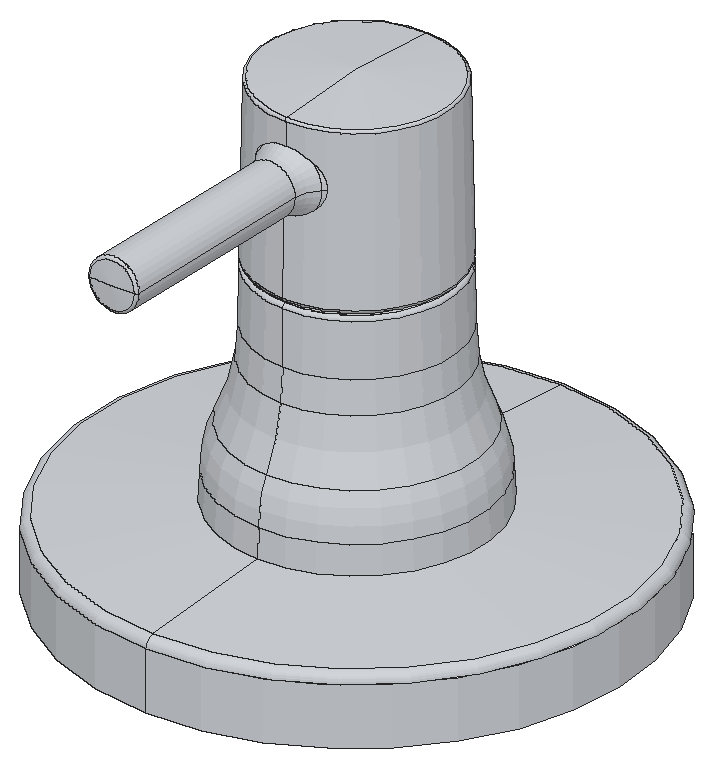
Revit family "Shower-Valve_Trim-KOHLER-Toobi-K-T8984", category Specialty Equipment, host Face, Revit 2015
Parameters (values of type "CP-Polished Chrome")
  Width = 4 1/2"  # constant formula
  WaterSense Certified = 1 = 0  # no
  URL = "https://www.us.kohler.com/us/"
  Type = 1
  Product Page URL = "http://www.us.kohler.com/us/catalog/productDetails.jsp?productNumber=T8984-4"
  Product Name = "Toobi"  # constant formula
  Product Documentation Link = "https://www.us.kohler.com/webassets/kpna/catalog/pdf/en/K-T8984-4_spec.pdf"
  Model = if(Type = 1, "K-T8984-4-CP", if(Type = 2, "K-T8984-4-BN", "NA"))  # "K-T8984-4-CP"
  Material = "Premium Metal Construction"  # constant formula
  MasterFormat 2004 = "10.28.13"  # constant formula
  MasterFormat 1995 = "10820"  # constant formula
  Manufacturer Address = "444 Highland Dr, Kohler, WI 53044"  # constant formula
  Manufacturer = "KOHLER Co."  # constant formula
  Length = 3 15/16"  # constant formula
  Height = 4 1/2"  # constant formula
  Handle Clearance = 2 5/8"  # constant formula
  Finish = Kohler-Metal-CP-Polished_Chrome
  Environmental Product Declaration = ""
  Description = "Transfer valve trim, valve not included"  # constant formula
  Default Elevation = 42"
  Declare Label = ""
  Date Modified = "09/10/2019"  # constant formula
  Date Created = "09/10/2019"  # constant formula
  Copyright = "Copyright KOHLER Co."  # constant formula
  Contact Us = "https://www.us.kohler.com/us/static/contact.jsp"
  Assembly Code = "C1030200"
  ADA Compliant = 1 = 1  # yes
Types (3): name | Type | Model | Finish
  (no name) | 1 | "K-T8984-4-CP" | Kohler-Metal-CP-Polished_Chrome
  CP-Polished Chrome | 1 | "K-T8984-4-CP" | Kohler-Metal-CP-Polished_Chrome
  BN-Vibrant Brushed Nickel | 2 | "K-T8984-4-BN" | Kohler-Metal-BN-Vibrant_Brushed_Nickel
Reference planes (in)
  plane 1 "Center (Front/Back)": y = 0
  plane 2: z = 0
  plane 3 "Center (Left/Right)": x = 0
  plane 4: y = 2.25
  plane 5: x = 2.25
  plane 6: x = -2.25
  plane 7: y = -2.25
  plane 8: y = -2.625
  plane 9: z = 3.9375
Dimensions and locks (in)
  "Height": plane 7 to plane 4
  "Width": plane 6 to plane 5
  "Handle Clearance": plane 8 to plane 1 "Center (Front/Back)"
  "Length": plane 9 to plane 2
  aligned and locked: plane 2 to host face
  aligned and locked: level to host face
Automatic sketch dimensions
  host sketch curve to host sketch curve = 96"  (x2)
Nested families (in)
  nested 1: "K-T8984" at (0, 0, 0), type "K-T8984"
Definition of nested family "K-T8984"
  Parameters (values of type "K-T8984")
    Material = none
  Reference planes (in)
    plane 1 "Center (Front/Back)": y = 0
    plane 2: z = 0
    plane 3 "Center (Left/Right)": x = 0
    plane 4: x = -2.25
    plane 5: y = -2.625
    plane 6: z = 3.9375
    plane 7: y = -2.25
    plane 8: y = 2.25
    plane 9 "A": z = 3.43041
    plane 10: x = 2.25
  Forms (in)
    Revolve 1, solid, material <- "Material", detail levels medium+fine
      sketch origin (0, 0, 0) x (0, 1, 0) y (0, 0, 1)
        loop
          line (0, 0) -> (0, 3.9375)
          arc (0, 3.9375) -> (-0.37282, 3.92622) -> (-0.74427, 3.89242) r 6.16662
          arc (-0.74427, 3.89242) -> (-0.75801, 3.88528) -> (-0.76369, 3.87088) r 0.02209
          line (-0.76369, 3.87088) -> (-0.78714, 2.52787)
          arc (-0.78714, 2.52787) -> (-0.78126, 2.51314) -> (-0.76662, 2.507) r 0.02051
          line (-0.76662, 2.507) -> (-0.68374, 2.507)
          arc (-0.68374, 2.507) -> (-0.69835, 2.48674) -> (-0.7221, 2.479) r 0.04027
          line (-0.7221, 2.479) -> (-0.75776, 2.479)
          arc (-0.75776, 2.479) -> (-0.77897, 2.47032) -> (-0.78802, 2.44927) r 0.03026
          line (-0.78802, 2.44927) -> (-0.79573, 2.00763)
          arc (-0.79573, 2.00763) -> (-0.80172, 1.87529) -> (-0.81504, 1.74348) r 2.38655
          arc (-0.81504, 1.74348) -> (-0.86882, 1.49279) -> (-0.96323, 1.25441) r 1.54891
          arc (-0.96323, 1.25441) -> (-1.02768, 1.07746) -> (-1.05174, 0.89068) r 0.85296
          arc (-1.05174, 0.89068) -> (-1.05483, 0.7728) -> (-1.06, 0.655) r 6.70003
          arc (-1.06, 0.655) -> (-1.61913, 0.61936) -> (-2.17707, 0.56843) r 20.46406
          arc (-2.17707, 0.56843) -> (-2.22908, 0.54193) -> (-2.25, 0.48744) r 0.08144
          line (-2.25, 0.48744) -> (-2.25, 0) -> (0, 0)
        axis (0, 3.9375) -> (0, 0)
      angle from 0 to 360
    Revolve 2, solid, material <- "Material", detail levels medium+fine
      sketch origin (0, 0, 3.43041) x (1, 0, 0) y (0, 1, 0)
        loop
          line (-0.21, -0.925) -> (-0.21, -2.58764)
          arc (-0.21, -2.58764) -> (-0.20445, -2.60262) -> (-0.19049, -2.61039) r 0.02302
          arc (-0.19049, -2.61039) -> (-0.09552, -2.62134) -> (0, -2.625) r 1.24916
          line (0, -2.625) -> (0, -0.66705) -> (-0.34897, -0.66705)
          arc (-0.34897, -0.66705) -> (-0.315, -0.69955) -> (-0.2828, -0.73382) r 0.88379
          arc (-0.2828, -0.73382) -> (-0.22882, -0.82271) -> (-0.21, -0.925) r 0.28744
        axis (0, -2.625) -> (0, -0.66705)
      angle from 0 to 360
    Revolve 3, solid, material <- "Material", detail levels coarse
      sketch origin (0, 0, 0) x (0, 1, 0) y (0, 0, 1)
        loop
          line (0, 3.9375) -> (-1.00839, 3.9375) -> (-1.00839, 0.65946) -> (-2.25, 0.65946) -> (-2.25, 0) -> (0, 0) -> (0, 3.9375)
        axis (0, 3.9375) -> (0, 0)
      angle from 0 to 360
    Extrusion 4, solid, material <- "Material", detail levels coarse
      sketch origin (0, 0, -0.52344) x (1, 0, 0) y (0, 0, 1)
        loop
          circle (0, 3.96103) r 0.25
      from 0.64258 to 2.63241
  Cuts and joins
    joined: Revolve 3, Extrusion 4
  Lines and regions (in)
    Masking region 1
      outline origin (0, 0, 0) x (0, 1, 0) y (0, 0, 1)
        loop
          line (0, 0) -> (2.25, 0) -> (2.25, 0.48744)
          arc (2.25, 0.48744) -> (2.22908, 0.54193) -> (2.17707, 0.56843) r 0.08144
          arc (2.17707, 0.56843) -> (1.61913, 0.61936) -> (1.06, 0.655) r 20.46406
          arc (1.06, 0.655) -> (1.05483, 0.7728) -> (1.05174, 0.89068) r 6.70003
          arc (1.05174, 0.89068) -> (1.02768, 1.07746) -> (0.96323, 1.25441) r 0.85296
          arc (0.96323, 1.25441) -> (0.86882, 1.49279) -> (0.81504, 1.74348) r 1.54891
          arc (0.81504, 1.74348) -> (0.80172, 1.87529) -> (0.79573, 2.00763) r 2.38655
          line (0.79573, 2.00763) -> (0.78802, 2.44927)
          arc (0.78802, 2.44927) -> (0.77897, 2.47032) -> (0.75776, 2.479) r 0.03026
          line (0.75776, 2.479) -> (0.7221, 2.479)
          arc (0.7221, 2.479) -> (0.69835, 2.48674) -> (0.68374, 2.507) r 0.04027
          line (0.68374, 2.507) -> (0.76662, 2.507)
          arc (0.76662, 2.507) -> (0.78126, 2.51314) -> (0.78714, 2.52787) r 0.02051
          line (0.78714, 2.52787) -> (0.76369, 3.87088)
          arc (0.76369, 3.87088) -> (0.75801, 3.88528) -> (0.74427, 3.89242) r 0.02209
          arc (0.74427, 3.89242) -> (0.37282, 3.92622) -> (0, 3.9375) r 6.16662
          arc (0, 3.9375) -> (-0.37282, 3.92622) -> (-0.74427, 3.89242) r 6.16662
          arc (-0.74427, 3.89242) -> (-0.75801, 3.88528) -> (-0.76369, 3.87088) r 0.02209
          line (-0.76369, 3.87088) -> (-0.76471, 3.71957)
          arc (-0.76471, 3.71957) -> (-0.78708, 3.6635) -> (-0.84276, 3.64015) r 0.07806
          line (-0.84276, 3.64015) -> (-2.58762, 3.64015)
          arc (-2.58762, 3.64015) -> (-2.60224, 3.63477) -> (-2.60986, 3.62118) r 0.02253
          arc (-2.60986, 3.62118) -> (-2.62121, 3.52609) -> (-2.625, 3.43041) r 1.20978
          arc (-2.625, 3.43041) -> (-2.62121, 3.33473) -> (-2.60986, 3.23965) r 1.20978
          arc (-2.60986, 3.23965) -> (-2.60224, 3.22606) -> (-2.58762, 3.22067) r 0.02253
          line (-2.58762, 3.22067) -> (-0.85447, 3.22067)
          arc (-0.85447, 3.22067) -> (-0.7988, 3.19732) -> (-0.77643, 3.14125) r 0.07806
          line (-0.77643, 3.14125) -> (-0.78714, 2.52787)
          arc (-0.78714, 2.52787) -> (-0.78126, 2.51314) -> (-0.76662, 2.507) r 0.02051
          line (-0.76662, 2.507) -> (-0.68374, 2.507)
          arc (-0.68374, 2.507) -> (-0.69835, 2.48674) -> (-0.7221, 2.479) r 0.04027
          line (-0.7221, 2.479) -> (-0.75776, 2.479)
          arc (-0.75776, 2.479) -> (-0.77897, 2.47032) -> (-0.78802, 2.44927) r 0.03026
          line (-0.78802, 2.44927) -> (-0.79573, 2.00763)
          arc (-0.79573, 2.00763) -> (-0.80172, 1.87529) -> (-0.81504, 1.74348) r 2.38655
          arc (-0.81504, 1.74348) -> (-0.86882, 1.49279) -> (-0.96323, 1.25441) r 1.54891
          arc (-0.96323, 1.25441) -> (-1.02768, 1.07746) -> (-1.05174, 0.89068) r 0.85296
          arc (-1.05174, 0.89068) -> (-1.05483, 0.7728) -> (-1.06, 0.655) r 6.70003
          arc (-1.06, 0.655) -> (-1.61913, 0.61936) -> (-2.17707, 0.56843) r 20.46406
          arc (-2.17707, 0.56843) -> (-2.22908, 0.54193) -> (-2.25, 0.48744) r 0.08144
          line (-2.25, 0.48744) -> (-2.25, 0) -> (0, 0)
    Masking region 2
      outline origin (0, 0, 0) x (1, 0, 0) y (0, 0, 1)
        loop
          line (-2.25, 0) -> (2.25, 0) -> (2.25, 0.48744)
          arc (2.25, 0.48744) -> (2.22908, 0.54193) -> (2.17707, 0.56843) r 0.08144
          arc (2.17707, 0.56843) -> (1.61913, 0.61936) -> (1.06, 0.655) r 20.46406
          arc (1.06, 0.655) -> (1.05483, 0.7728) -> (1.05174, 0.89068) r 6.70003
          arc (1.05174, 0.89068) -> (1.02768, 1.07746) -> (0.96323, 1.25441) r 0.85296
          arc (0.96323, 1.25441) -> (0.86882, 1.49279) -> (0.81504, 1.74348) r 1.54891
          arc (0.81504, 1.74348) -> (0.80172, 1.87529) -> (0.79573, 2.00763) r 2.38655
          line (0.79573, 2.00763) -> (0.78802, 2.44927)
          arc (0.78802, 2.44927) -> (0.77897, 2.47032) -> (0.75776, 2.479) r 0.03026
          line (0.75776, 2.479) -> (0.7221, 2.479)
          arc (0.7221, 2.479) -> (0.69835, 2.48674) -> (0.68374, 2.507) r 0.04027
          line (0.68374, 2.507) -> (0.76662, 2.507)
          arc (0.76662, 2.507) -> (0.78126, 2.51314) -> (0.78714, 2.52787) r 0.02051
          line (0.78714, 2.52787) -> (0.76369, 3.87088)
          arc (0.76369, 3.87088) -> (0.75801, 3.88528) -> (0.74427, 3.89242) r 0.02209
          arc (0.74427, 3.89242) -> (0.37282, 3.92622) -> (0, 3.9375) r 6.16662
          arc (0, 3.9375) -> (-0.37282, 3.92622) -> (-0.74427, 3.89242) r 6.16662
          arc (-0.74427, 3.89242) -> (-0.75801, 3.88528) -> (-0.76369, 3.87088) r 0.02209
          line (-0.76369, 3.87088) -> (-0.78714, 2.52787)
          arc (-0.78714, 2.52787) -> (-0.78126, 2.51314) -> (-0.76662, 2.507) r 0.02051
          line (-0.76662, 2.507) -> (-0.68374, 2.507)
          arc (-0.68374, 2.507) -> (-0.69835, 2.48674) -> (-0.7221, 2.479) r 0.04027
          line (-0.7221, 2.479) -> (-0.75776, 2.479)
          arc (-0.75776, 2.479) -> (-0.77897, 2.47032) -> (-0.78802, 2.44927) r 0.03026
          line (-0.78802, 2.44927) -> (-0.79573, 2.00763)
          arc (-0.79573, 2.00763) -> (-0.80172, 1.87529) -> (-0.81504, 1.74348) r 2.38655
          arc (-0.81504, 1.74348) -> (-0.86882, 1.49279) -> (-0.96323, 1.25441) r 1.54891
          arc (-0.96323, 1.25441) -> (-1.02768, 1.07746) -> (-1.05174, 0.89068) r 0.85296
          arc (-1.05174, 0.89068) -> (-1.05483, 0.7728) -> (-1.06, 0.655) r 6.70003
          arc (-1.06, 0.655) -> (-1.61913, 0.61936) -> (-2.17707, 0.56843) r 20.46406
          arc (-2.17707, 0.56843) -> (-2.22908, 0.54193) -> (-2.25, 0.48744) r 0.08144
          line (-2.25, 0.48744) -> (-2.25, 0)
    Masking region 3
      outline origin (0, 0, 0) x (1, 0, 0) y (0, 1, 0)
        loop
          arc (0.21002, -2.24018) -> (0, 2.25) -> (-0.21002, -2.24018) r 2.25
          line (-0.21002, -2.24018) -> (-0.21002, -2.58767)
          arc (-0.21002, -2.58767) -> (-0.20431, -2.60306) -> (-0.18993, -2.61097) r 0.02356
          arc (-0.18993, -2.61097) -> (-0.09522, -2.62149) -> (0, -2.625) r 1.29292
          arc (0, -2.625) -> (0.09522, -2.62149) -> (0.18993, -2.61097) r 1.29292
          arc (0.18993, -2.61097) -> (0.20431, -2.60306) -> (0.21002, -2.58767) r 0.02356
          line (0.21002, -2.58767) -> (0.21002, -2.24018)
    symbolic lines, detail levels medium+fine
      curve 1: arc (0.28179, -0.73728, 0) -> (0, 0.78929, 0) -> (-0.28179, -0.73728, 0) r 0.78929
      curve 2: line (-0.21002, -0.93475, 0) -> (-0.21002, -2.24018, 0)
      curve 3: line (0.21002, -0.93475, 0) -> (0.21002, -2.24018, 0)
      curve 4: arc (-0.18993, -2.61097, 0) -> (-0.09522, -2.62149, 0) -> (0, -2.625, 0) r 1.29292
      curve 5: arc (-0.21002, -2.58767, 0) -> (-0.20431, -2.60306, 0) -> (-0.18993, -2.61097, 0) r 0.02356
      curve 6: arc (0.18993, -2.61097, 0) -> (0.09522, -2.62149, 0) -> (0, -2.625, 0) r 1.29292
      curve 7: arc (0.21002, -2.58767, 0) -> (0.20431, -2.60306, 0) -> (0.18993, -2.61097, 0) r 0.02356
      curve 8: arc (0.28179, -0.73728, 0) -> (0.22852, -0.82969, 0) -> (0.21002, -0.93475, 0) r 0.30757
      curve 9: arc (-0.28179, -0.73728, 0) -> (-0.22852, -0.82969, 0) -> (-0.21002, -0.93475, 0) r 0.30757
      curve 10: arc (0.21002, -1.03898, 0) -> (0, 1.06, 0) -> (-0.21002, -1.03898, 0) r 1.06
      curve 11: circle (0, 0, 0) r 0.72189 normal (0, 0, 1)
      curve 12: line (-0.68823, 0, 2.507) -> (0.69812, 0, 2.507)
      curve 13: line (-0.72725, 0, 2.47907) -> (0.72659, 0, 2.47907)
      curve 14: line (-1.06, 0, 0.655) -> (1.06, 0, 0.655)
      curve 15: line (-0.72154, 0, 3.89447) -> (0.72254, 0, 3.89447)
      curve 16: line (0, -0.74427, 3.89242) -> (0, 0.74427, 3.89242)
      curve 17: line (0, -0.68374, 2.507) -> (0, 0.68374, 2.507)
      curve 18: line (0, 0.7221, 2.479) -> (0, -0.7221, 2.479)
      curve 19: line (0, 1.06, 0.655) -> (0, -1.06, 0.655)
      curve 20: line (-2.25, 0, 0.48744) -> (2.25, 0, 0.48744)
      curve 21: line (0, -2.25, 0.48744) -> (0, 2.25, 0.48744)
      curve 22: arc (0, -0.76471, 3.71957) -> (0, -0.68378, 3.42865) -> (0, -0.77643, 3.14125) r 0.52519
  Dimensions and locks (in)
    locked: plane 1 "Center (Front/Back)" to plane 5 at 2.625
    plane 7 to plane 8 = 4 1/2"
    plane 6 to plane 2 = 3 15/16"
    plane 5 to plane 1 "Center (Front/Back)" = 2 5/8"
    plane 4 to plane 10 = 4 1/2"
    aligned and locked: plane 2 to level
